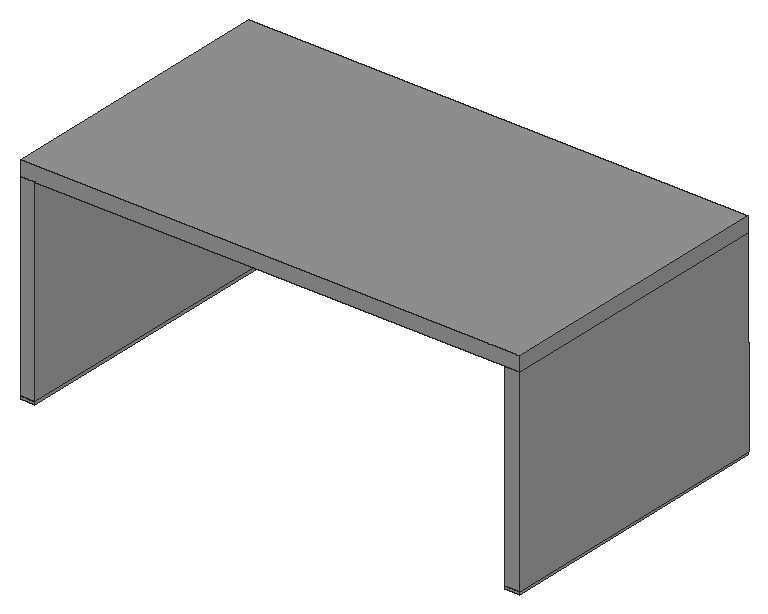
Revit family "Cocoon Community Table 48x84x36", category Generic Models, Revit 2018
Family settings
  Can host rebar = No
  Round Connector Dimension = Use Diameter
  Part Type = Normal
  Work Plane-Based = No
  Always vertical = Yes
  Cut with Voids When Loaded = No
  Shared = No
  Room Calculation Point = No
Parameters
  Frame = Cocoon Community Table 48x84x36 Frame
  Surface = Cocoon Community Table 48x84x36 Surface
Reference planes (in)
  plane 1 "Center (Front/Back)": y = 0
  plane 2: z = 0
  plane 3 "Center (Left/Right)": x = 0
Forms (in)
  Extrusion 1, solid, material "Cocoon Community Table 48x84x36 Frame" <- "Frame"
    sketch origin (0, 0, 0) x (1, 0, 0) y (0, 0, 1)
      loop
        line (-42, 0.5) -> (-42, 0) -> (-39.5, 0) -> (-39.5, 0.5) -> (-42, 0.5)
      loop
        line (42, 0.5) -> (39.5, 0.5) -> (39.5, 0) -> (42, 0) -> (42, 0.5)
    from -24 to 24
  Extrusion 2, solid, material "Cocoon Community Table 48x84x36 Surface" <- "Surface"
    sketch origin (0, 0, 7) x (1, 0, 0) y (0, 0, 1)
      loop
        line (-42, 29) -> (-42, 26.5) -> (42, 26.5) -> (42, 29) -> (-42, 29)
    from -24 to 24
  Extrusion 3, solid, material "Cocoon Community Table 48x84x36 Frame" <- "Frame"
    sketch origin (0, 0, 0) x (1, 0, 0) y (0, 0, 1)
      loop
        line (-42, 33.5) -> (-42, 0.5) -> (-39.5, 0.5) -> (-39.5, 33.5) -> (-42, 33.5)
      loop
        line (39.5, 33.5) -> (39.5, 0.5) -> (42, 0.5) -> (42, 33.5) -> (39.5, 33.5)
    from -24 to 24
  Extrusion 4, solid, material "Cocoon Community Table 48x84x36 Frame" <- "Frame"
    sketch origin (0, -90.74848, -14.58144) x (0, 1, 0) y (0, 0, 1)
      loop
        line (91.99848, 48.08144) -> (89.49848, 48.08144) -> (89.49848, 36.08144) -> (91.99848, 36.08144) -> (91.99848, 48.08144)
    from -39.5 to 39.5
Dimensions and locks (in)
  aligned and locked: plane 2 to level
